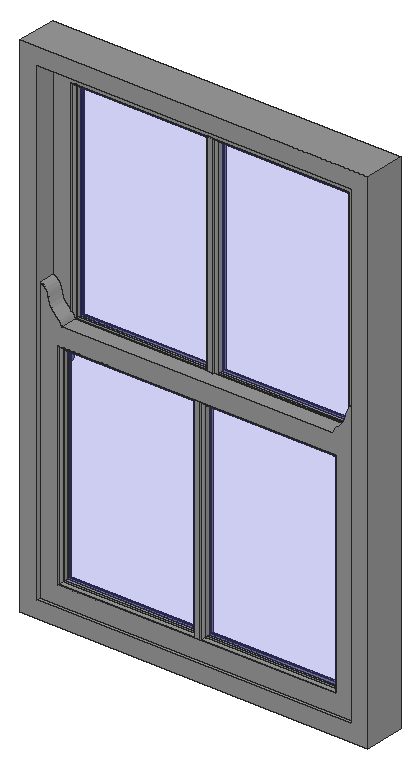
Revit family "HMS2V", category Windows, host Wall, Revit 2015
Parameters (values of type "HMS2V")
  Height = 1325 mm
  Default Lintel Height = 2100 mm
  Wall Closure = By host
  Width = 900 mm
Reference planes
  plane 1 "Center (Front/Back)": y = 0
  plane 2 "Center (Left/Right)": x = 0
  plane 3 "Left": x = -450
  plane 4 "Right": x = 450
  plane 5 "Sill": z = 775
  plane 6 "Head": z = 2100
  plane 7 "Exterior": y = 100
  plane 8 "Interior": y = -100
  plane 9: y = -28.5
  plane 10: y = 23.5
  plane 11: z = 1437.5
  plane 12: z = 1466
  plane 13: z = 1409
Forms (mm)
  Sweep 1, solid, material "Lauan, Meranti"
    path origin (-10500, 23.5, 2100) x (0, 0, -1) y (-1, 0, 0)
      loop
        line (0, -10950) -> (1325, -10950) -> (1325, -10050) -> (0, -10050) -> (0, -10950)
    profile origin (0, 23.5, 2100) x (0, 0, 1) y (0, 1, 0)
      loop
        line (0, 29) -> (-42, 29) -> (-42, -76) -> (0, -76) -> (0, 29)
  Extrusion 2, solid, material "Lauan, Meranti"
    sketch origin (0, -23.5, -364.994) x (1, 0, 0) y (0, 1, 0)
      loop
        line (-6.5, 23.5) -> (-6.5, -1.5) -> (-15.5, -1.5) -> (-15.5, -9.5) -> (-12.5, -9.5)
        arc (-12.5, -9.5) -> (-10.743, -13.743) -> (-6.5, -15.5) r 6
        line (-6.5, -15.5) -> (-6.5, -18.5) -> (6.5, -18.5) -> (6.5, -15.5)
        arc (6.5, -15.5) -> (10.743, -13.743) -> (12.5, -9.5) r 6
        line (12.5, -9.5) -> (15.5, -9.5) -> (15.5, -1.5) -> (6.5, -1.5) -> (6.5, 23.5) -> (-6.5, 23.5)
    from 1229.987 to 1783
  Extrusion 3, solid, material "Lauan, Meranti"
    sketch origin (0, 18.5, 142) x (1, 0, 0) y (0, 1, 0)
      loop
        line (-6.5, 23.5) -> (-6.5, -1.5) -> (-15.5, -1.5) -> (-15.5, -9.5) -> (-12.5, -9.5)
        arc (-12.5, -9.5) -> (-10.743, -13.743) -> (-6.5, -15.5) r 6
        line (-6.5, -15.5) -> (-6.5, -18.5) -> (6.5, -18.5) -> (6.5, -15.5)
        arc (6.5, -15.5) -> (10.743, -13.743) -> (12.5, -9.5) r 6
        line (12.5, -9.5) -> (15.5, -9.5) -> (15.5, -1.5) -> (6.5, -1.5) -> (6.5, 23.5) -> (-6.5, 23.5)
    from 1315 to 1868
  Extrusion 4, solid, material "Lauan, Meranti"
    sketch origin (-10500, 0, 1900) x (0, 0, -1) y (-1, 0, 0)
      loop
        line (491, -10851) -> (491, -10908) -> (576, -10908)
        spline (576, -10908) -> (568.022, -10895.331) -> (558.494, -10888.581) -> (548.752, -10885.386) -> (540.116, -10883.399) -> (533.202, -10881.197) -> (527.644, -10878.636) -> (523.005, -10875.669) -> (518.783, -10872.149) -> (514.297, -10867.644) -> (508.83, -10861.691) -> (501.472, -10855.147) -> (491, -10851)
      loop
        spline (491, -10149) -> (501.472, -10144.853) -> (508.83, -10138.309) -> (514.297, -10132.356) -> (518.783, -10127.851) -> (523.005, -10124.331) -> (527.644, -10121.364) -> (533.202, -10118.803) -> (540.116, -10116.601) -> (548.752, -10114.614) -> (558.494, -10111.419) -> (568.022, -10104.669) -> (576, -10092)
        line (576, -10092) -> (491, -10092) -> (491, -10149)
    from 0 to 42
  Extrusion 5, solid, material "Lauan, Meranti"
    sketch origin (-10500, -42, 975) x (0, 0, 1) y (1, 0, 0)
      loop
        spline (491, 10851) -> (501.472, 10855.147) -> (508.83, 10861.691) -> (514.297, 10867.644) -> (518.783, 10872.149) -> (523.005, 10875.669) -> (527.644, 10878.636) -> (533.202, 10881.197) -> (540.116, 10883.399) -> (548.752, 10885.386) -> (558.494, 10888.581) -> (568.022, 10895.331) -> (576, 10908)
        line (576, 10908) -> (491, 10908) -> (491, 10851)
      loop
        line (491, 10149) -> (491, 10092) -> (576, 10092)
        spline (576, 10092) -> (568.022, 10104.669) -> (558.494, 10111.419) -> (548.752, 10114.614) -> (540.116, 10116.601) -> (533.202, 10118.803) -> (527.644, 10121.364) -> (523.005, 10124.331) -> (518.783, 10127.851) -> (514.297, 10132.356) -> (508.83, 10138.309) -> (501.472, 10144.853) -> (491, 10149)
    from 0 to 42
  Sweep 6, solid, material "Lauan, Meranti"
    path origin (-10715.172, 23.5, 1989.223) x (0, 0, -1) y (-1, 0, 0)
      loop
        line (-68.777, -11123.172) -> (580.223, -11123.172) -> (580.223, -10307.172) -> (-68.777, -10307.172) -> (-68.777, -11123.172)
    profile origin (0, 23.5, 2058) x (0, 0, 1) y (0, 1, 0)
      loop
        line (-48, 18.5) -> (-48, -6.5) -> (-57, -6.5) -> (-57, -14.499) -> (-53.996, -14.499)
        arc (-53.996, -14.499) -> (-52.238, -18.744) -> (-47.994, -20.502) r 6.002
        line (-47.994, -20.502) -> (-47.994, -23.5) -> (0, -23.5) -> (0, 18.5) -> (-48, 18.5)
  Sweep 7, solid, material "Lauan, Meranti"
    path origin (-10714.35, 23.5, 1653.166) x (0, 0, -1) y (-1, 0, 0)
      loop
        line (187.166, -11122.35) -> (836.166, -11122.35) -> (836.166, -10306.35) -> (187.166, -10306.35) -> (187.166, -11122.35)
    profile origin (0, 23.5, 1466) x (0, 0, 1) y (0, 1, 0)
      loop
        line (0, -65.5) -> (0, -23.5) -> (-48, -23.5) -> (-48, -48.5) -> (-57, -48.5) -> (-57, -56.499) -> (-53.996, -56.499)
        arc (-53.996, -56.499) -> (-52.238, -60.744) -> (-47.994, -62.502) r 6.002
        line (-47.994, -62.502) -> (-47.994, -65.5) -> (0, -65.5)
  Sweep 8, solid, material "Lauan, Meranti"
    path origin (-463.766, 100, -460.916) x (1, 0, 0) y (0, 0, 1)
      loop
        line (457.266, 2470.916) -> (103.766, 2470.916) -> (103.766, 1917.916) -> (457.266, 1917.916) -> (457.266, 2470.916)
    profile origin (-183.25, 100, 2010) x (0, 0, -1) y (0, -1, 0)
      loop
        arc (0, 68.6) -> (4.67, 70.234) -> (7, 74.6) r 6.807
        line (7, 74.6) -> (9, 74.6) -> (9, 76.6) -> (0, 76.6) -> (0, 68.6)
  Sweep 9, solid, material "Lauan, Meranti"
    path origin (-355.883, 100, -1034.948) x (1, 0, 0) y (0, 0, 1)
      loop
        line (349.383, 2452.954) -> (-4.123, 2452.954) -> (-4.123, 1899.942) -> (349.383, 1899.942) -> (349.383, 2452.954)
    profile origin (-183.253, 100, 1418.006) x (0, 0, -1) y (0, -1, 0)
      loop
        arc (0, 110.6) -> (4.67, 112.234) -> (7, 116.6) r 6.807
        line (7, 116.6) -> (9, 116.6) -> (9, 118.6) -> (0, 118.6) -> (0, 110.6)
  Extrusion 10, solid, material "Glass"
    sketch origin (-10697.216, 17, 1935.091) x (0, 0, -1) y (-1, 0, 0)
      loop
        line (-74.909, -11057.216) -> (478.091, -11057.216) -> (478.091, -10703.716) -> (-74.909, -10703.716) -> (-74.909, -11057.216)
      loop
        line (-74.909, -10690.716) -> (478.091, -10690.716) -> (478.091, -10337.216) -> (-74.909, -10337.216) -> (-74.909, -10690.716)
    from 0 to 6.4
  Extrusion 11, solid, material "Glass"
    sketch origin (-10712.117, -25, 1157.245) x (0, 0, -1) y (-1, 0, 0)
      loop
        line (-260.762, -11072.123) -> (292.251, -11072.123) -> (292.251, -10718.617) -> (-260.762, -10718.617) -> (-260.762, -11072.123)
      loop
        line (-260.762, -10705.617) -> (292.251, -10705.617) -> (292.251, -10352.11) -> (-260.762, -10352.11) -> (-260.762, -10705.617)
    from 0 to 6.4
  Sweep 12, solid, material "Lauan, Meranti"
    path origin (463.766, 100, -460.916) x (-1, 0, 0) y (0, 0, -1)
      loop
        line (457.266, -2470.916) -> (457.266, -1917.916) -> (103.766, -1917.916) -> (103.766, -2470.916) -> (457.266, -2470.916)
    profile origin (183.25, 100, 2010) x (0, 0, 1) y (0, -1, 0)
      loop
        line (0, 68.6) -> (0, 76.6) -> (-9, 76.6) -> (-9, 74.6) -> (-7, 74.6)
        arc (-7, 74.6) -> (-4.67, 70.234) -> (0, 68.6) r 6.807
  Sweep 13, solid, material "Lauan, Meranti"
    path origin (355.883, 100, -1034.948) x (-1, 0, 0) y (0, 0, -1)
      loop
        line (349.383, -2452.954) -> (349.383, -1899.942) -> (-4.123, -1899.942) -> (-4.123, -2452.954) -> (349.383, -2452.954)
    profile origin (183.253, 100, 1418.006) x (0, 0, 1) y (0, -1, 0)
      loop
        line (0, 110.6) -> (0, 118.6) -> (-9, 118.6) -> (-9, 116.6) -> (-7, 116.6)
        arc (-7, 116.6) -> (-4.67, 112.234) -> (0, 110.6) r 6.807
Cuts and joins
  joined: Extrusion 4, Sweep 6
  joined: Extrusion 5, Sweep 7
Lines and regions (mm)
  Opening 1
    outline origin (3500, -100, 0) x (1, 0, 0) y (0, 0, 1)
      loop
        line (-3050, 775) -> (-3050, 2100) -> (-3950, 2100) -> (-3950, 775) -> (-3050, 775)
  model lines
    curve 1: line (408, 42, 2058) -> (0, 42, 1409)
    curve 2: line (-408, 42, 2058) -> (0, 42, 1409)
Text (mm)
  text "EXTERIOR" at (-1963.203, 1332.353, 0), in view "Ref. Level"
  text "INTERIOR" at (-1981.466, -818.386, 0), in view "Ref. Level"
  text "Exterior" at (0, 923.751, 2943.296), in view "Right"
  text "Exterior" at (0, 1040.484, 2685.409), in view "Left"
Dimensions and locks
  equal spacing: plane 3 "Left", plane 2 "Center (Left/Right)", plane 4 "Right"
  "Width": plane 3 "Left" to plane 4 "Right"
  "Height": plane 5 "Sill" to plane 6 "Head"
  "Default Lintel Height": plane 6 "Head" to level
  locked: plane 7 "Exterior" to host wall at 0
  locked: plane 8 "Interior" to host wall
  locked: plane 10 to plane 9 at 52
  plane 3 "Left" to plane 4 "Right" = 900 mm
  aligned and locked: Sweep 1 sketch curve to host wall  (x4)
  aligned and locked: Sweep 6 sketch curve to Sweep 1  (x2)
  aligned and locked: Sweep 1 to Sweep 6 sketch curve
  aligned and locked: plane 13 to Sweep 6 sketch curve
  aligned and locked: Sweep 7 sketch curve to plane 12
  aligned and locked: Sweep 7 sketch curve to Sweep 1  (x2)
  aligned and locked: Sweep 1 to Sweep 7 sketch curve
  aligned and locked: Extrusion 2 to Sweep 7  (x2)
  aligned and locked: Extrusion 3 to Sweep 6  (x2)
  aligned and locked: Extrusion 10 sketch curve to Extrusion 10 sketch curve
  aligned and locked: Extrusion 11 sketch curve to Extrusion 11 sketch curve  (x2)
  aligned and locked: Extrusion 3 to Extrusion 10  (x2)
  aligned and locked: Extrusion 10 to Extrusion 3  (x3)
  aligned and locked: Extrusion 10 to Sweep 6  (x2)
  aligned and locked: Extrusion 11 to Extrusion 2  (x4)
  aligned and locked: Extrusion 11 to Sweep 7  (x2)
  aligned and locked: Sweep 9 sketch curve to Sweep 7  (x3)
  aligned and locked: Sweep 9 sketch curve to Extrusion 2
  aligned and locked: Sweep 8 sketch curve to Sweep 6  (x2)
  aligned and locked: Sweep 8 sketch curve to Extrusion 3
  aligned and locked: Sweep 6 to Sweep 8 sketch curve
Automatic sketch dimensions
  plane 3 "Left" to Opening 1 sketch curve = 0 mm
  plane 4 "Right" to Opening 1 sketch curve = 0 mm
  Opening 1 sketch curve to plane 5 "Sill" = 0 mm
  Opening 1 sketch curve to plane 6 "Head" = 0 mm
  profile plane to Sweep 1 sketch curve = 0 mm
  profile plane to Sweep 1 sketch curve = 42 mm
  Sweep 1 sketch curve to plane 10 = 76 mm
  plane 10 to Sweep 1 sketch curve = 29 mm
  plane 2 "Center (Left/Right)" to curve 1 = 0 mm
  curve 1 to plane 13 = 0 mm
  curve 2 to plane 3 "Left" = 42 mm
  plane 4 "Right" to curve 1 = 42 mm
  plane 6 "Head" to curve 2 = 42 mm
  plane 6 "Head" to curve 1 = 42 mm
  host wall to Extrusion 2 sketch curve = 0 mm
  Extrusion 2 sketch curve to plane 9 = 4.5 mm
  plane 2 "Center (Left/Right)" to Extrusion 2 sketch curve = 15.5 mm
  Extrusion 2 sketch curve to Extrusion 2 sketch curve = 3 mm  (x3)
  plane 2 "Center (Left/Right)" to Extrusion 2 sketch curve = 6.5 mm  (x2)
  Extrusion 2 sketch curve to plane 2 "Center (Left/Right)" = 6.5 mm  (x2)
  Extrusion 2 sketch curve to Extrusion 2 sketch curve = 6 mm
  plane 9 to Extrusion 2 sketch curve = 3.5 mm  (x2)
  Extrusion 2 sketch curve to plane 9 = 10.5 mm
  host wall to Extrusion 3 sketch curve = 0 mm
  plane 2 "Center (Left/Right)" to Extrusion 3 sketch curve = 15.5 mm
  Extrusion 3 sketch curve to Extrusion 3 sketch curve = 3 mm  (x3)
  plane 2 "Center (Left/Right)" to Extrusion 3 sketch curve = 6.5 mm  (x2)
  Extrusion 3 sketch curve to host wall = 3 mm
  Extrusion 3 sketch curve to plane 2 "Center (Left/Right)" = 6.5 mm  (x2)
  Extrusion 3 sketch curve to Extrusion 3 sketch curve = 6 mm
  Extrusion 3 sketch curve to plane 10 = 6.5 mm  (x2)
  plane 10 to Extrusion 3 sketch curve = 18.5 mm
  Extrusion 4 sketch curve to plane 13 = 0 mm  (x2)
  Extrusion 4 sketch curve to plane 3 "Left" = 42 mm
  Extrusion 4 sketch curve to plane 13 = 85 mm  (x2)
  plane 4 "Right" to Extrusion 4 sketch curve = 42 mm
  Extrusion 4 sketch curve to Extrusion 4 sketch curve = 57 mm  (x2)
  Extrusion 5 sketch curve to plane 12 = 0 mm  (x2)
  Extrusion 5 sketch curve to plane 3 "Left" = 42 mm
  plane 12 to Extrusion 5 sketch curve = 85 mm  (x2)
  plane 4 "Right" to Extrusion 5 sketch curve = 42 mm
  Extrusion 5 sketch curve to Extrusion 5 sketch curve = 57 mm  (x2)
  profile plane to Sweep 6 sketch curve = 0 mm
  Sweep 6 sketch curve to profile plane = 23.5 mm
  profile plane to Sweep 6 sketch curve = 47.994 mm
  Sweep 6 sketch curve to Sweep 6 sketch curve = 0.006 mm
  Sweep 6 sketch curve to Sweep 6 sketch curve = 6.002 mm
  Sweep 6 sketch curve to Sweep 6 sketch curve = 3.004 mm
  Sweep 6 sketch curve to Sweep 6 sketch curve = 2.998 mm
  Sweep 6 sketch curve to profile plane = 6.5 mm
  profile plane to Sweep 6 sketch curve = 18.5 mm
  profile plane to Sweep 7 sketch curve = 0 mm
  Sweep 7 sketch curve to Sweep 7 sketch curve = 47.994 mm
  Sweep 7 sketch curve to Sweep 7 sketch curve = 0.006 mm
  Sweep 7 sketch curve to Sweep 7 sketch curve = 6.002 mm
  Sweep 7 sketch curve to Sweep 7 sketch curve = 3.004 mm
  Sweep 7 sketch curve to profile plane = 65.5 mm
  Sweep 7 sketch curve to Sweep 7 sketch curve = 2.998 mm
  Sweep 7 sketch curve to Sweep 7 sketch curve = 7.999 mm
  Sweep 7 sketch curve to profile plane = 23.5 mm
  Sweep 8 sketch curve to profile plane = 0 mm
  Sweep 8 sketch curve to profile plane = 0.241 mm
  Sweep 8 sketch curve to Sweep 8 sketch curve = 6.759 mm
  Sweep 8 sketch curve to Sweep 8 sketch curve = 2 mm  (x2)
  profile plane to Sweep 8 sketch curve = 68.6 mm
  Sweep 8 sketch curve to Sweep 8 sketch curve = 6 mm
  Sweep 9 sketch curve to profile plane = 0 mm
  Sweep 9 sketch curve to profile plane = 0.241 mm
  Sweep 9 sketch curve to Sweep 9 sketch curve = 6.759 mm
  Sweep 9 sketch curve to Sweep 9 sketch curve = 2 mm  (x2)
  profile plane to Sweep 9 sketch curve = 110.6 mm
  Sweep 9 sketch curve to Sweep 9 sketch curve = 6 mm
  plane 6 "Head" to Extrusion 10 sketch curve = 90 mm
  Extrusion 10 sketch curve to plane 12 = 9 mm  (x2)
  plane 4 "Right" to Extrusion 10 sketch curve = 90 mm
  Extrusion 10 sketch curve to plane 2 "Center (Left/Right)" = 6.5 mm
  plane 2 "Center (Left/Right)" to Extrusion 10 sketch curve = 6.5 mm
  Extrusion 10 sketch curve to plane 3 "Left" = 90 mm
  plane 13 to Extrusion 11 sketch curve = 9.006 mm
  Extrusion 11 sketch curve to plane 5 "Sill" = 89.994 mm
  plane 4 "Right" to Extrusion 11 sketch curve = 89.994 mm
  Extrusion 11 sketch curve to plane 2 "Center (Left/Right)" = 6.5 mm
  plane 2 "Center (Left/Right)" to Extrusion 11 sketch curve = 6.5 mm
  Extrusion 11 sketch curve to plane 3 "Left" = 89.994 mm
  plane 4 "Right" to Sweep 12 sketch curve = 90 mm
  Sweep 12 sketch curve to plane 2 "Center (Left/Right)" = 6.5 mm
  plane 6 "Head" to Sweep 12 sketch curve = 90 mm
  Sweep 12 sketch curve to plane 12 = 9 mm
  profile plane to Sweep 12 sketch curve = 0 mm
  profile plane to Sweep 12 sketch curve = 0.241 mm
  Sweep 12 sketch curve to Sweep 12 sketch curve = 6.759 mm
  Sweep 12 sketch curve to Sweep 12 sketch curve = 2 mm  (x2)
  profile plane to Sweep 12 sketch curve = 68.6 mm
  Sweep 12 sketch curve to Sweep 12 sketch curve = 6 mm
  plane 13 to Sweep 13 sketch curve = 9.006 mm
  plane 4 "Right" to Sweep 13 sketch curve = 89.994 mm
  Sweep 13 sketch curve to plane 2 "Center (Left/Right)" = 6.5 mm
  Sweep 13 sketch curve to plane 5 "Sill" = 89.994 mm
  profile plane to Sweep 13 sketch curve = 0 mm
  profile plane to Sweep 13 sketch curve = 0.241 mm
  Sweep 13 sketch curve to Sweep 13 sketch curve = 6.759 mm
  Sweep 13 sketch curve to Sweep 13 sketch curve = 2 mm  (x2)
  profile plane to Sweep 13 sketch curve = 110.6 mm
  Sweep 13 sketch curve to Sweep 13 sketch curve = 6 mm
